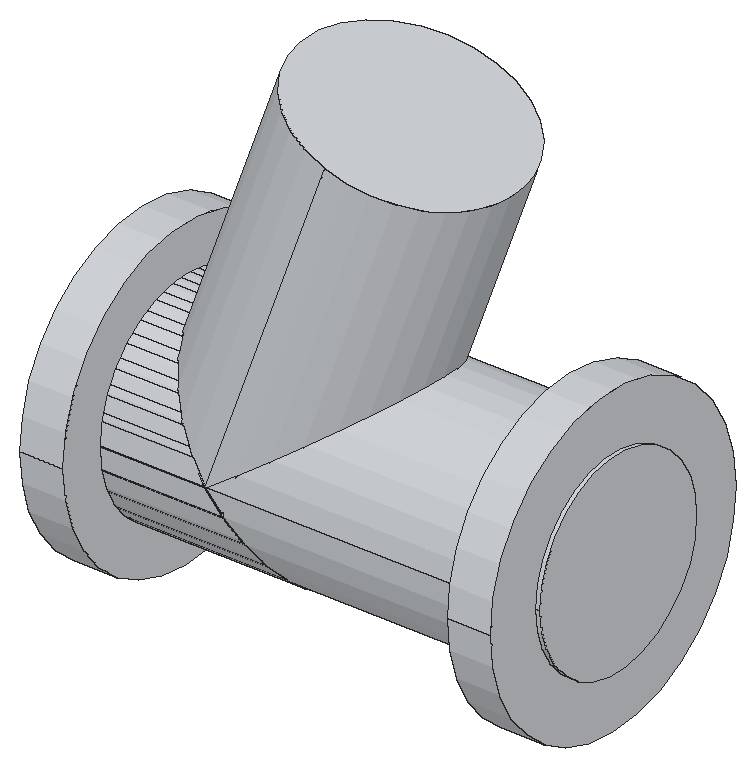
Revit family "447-DN065-RFA_2019", category Pipe Accessories, Revit 2019
Family settings
  Round Connector Dimension = Use Diameter
  Part Type = Valve - Breaks Into
  Work Plane-Based = No
  Always vertical = Yes
  Cut with Voids When Loaded = No
  Shared = No
Parameters (values of type "447-DN065")
  magiProductId = "bd77367604f142d88050bf73c88c7b"
  magiProductFamilyId = "b72cb932c1b3471491e3d369876ba1"
  magiPartTypeId = 304
  isMeasuringValve [instance] = no
  ang2D [instance] = 0.00°
  X2 = 71.982 mm
  X1 = 40.6 mm
  W2D = 100 mm
  VersionID = "2.0/2017.9.26.1/ZETKAMA_447_001"
  Use Minimum Symbol Size [instance] = yes
  URL = "http://www.hydronix.cz"
  Type Comments = "přírubový; PN16; -10~+120°C"
  S = 118 mm
  QmdConnectorList = "301;D;302;D"
  Productdata [instance] = ""
  Manufacturer = "Hydronix"
  MC Product Code = "447 065 (DN65; PN16 kvs88,8)"
  MC Piping Given Pressure Drop [instance] = 0.0 Pa
  LM1 = 23.2 mm
  LM = 232 mm
  L2D_Min = 3048 mm
  L2D = 350 mm
  L2 = 145 mm
  HH1 = 197.769 mm
  FD = 185 mm
  Description = "Ruční vyvažovací ventil přírubový; DN65; PN16; kvs88,8"
  DT = 130 mm
  D = 65 mm
  CC = 2.9 mm
  CAT0 = yes
  C1 = 26.1 mm
  C = 29 mm
Types (10, lengths in mm): name | magiProductId | X2 | X1 | S | MC Product Code | LM1 | LM | L2 | HH1 | FD | Description | DT | D | CC | C1 | C
  447-DN100 | "98b46d48787042dd9a812fc0797c69" | 79.261 | 49 | 156 | "447 100 (DN100; PN16 kvs184,7)" | 28 | 280 | 175 | 217.769 | 220 | "Ruční vyvažovací ventil přírubový; DN100; PN16; kvs184,7" | 130 | 100 | 3.5 | 31.5 | 35
  447-DN125 | "02b47ccb17f74d08923d86f3fe118e" | 86.541 | 56 | 184 | "447 125 (DN125; PN16 kvs285,1)" | 32 | 320 | 200 | 237.769 | 250 | "Ruční vyvažovací ventil přírubový; DN125; PN16; kvs285,1" | 130 | 125 | 4 | 36 | 40
  447-DN150 | "7f7b5672e2b748ca8839732ddacd1d" | 95.64 | 67.2 | 211 | "447 150 (DN150; PN16 kvs390,2)" | 38.4 | 384 | 240 | 262.769 | 285 | "Ruční vyvažovací ventil přírubový; DN150; PN16; kvs390,2" | 130 | 150 | 4.8 | 43.2 | 48
  447-DN200 | "e1019e6fc9b647ceac6d31797e2f53" | 155.411 | 84 | 266 | "447 200 (DN200; PN16 kvs710)" | 48 | 480 | 300 | 426.987 | 340 | "Ruční vyvažovací ventil přírubový; DN200; PN16; kvs710" | 310 | 200 | 6 | 54 | 60
  447-DN250 | "a0eac83e29f84220b7ba68901aa49e" | 171.789 | 102.2 | 319 | "447 250 (DN250; PN16 kvs1188)" | 58.4 | 584 | 365 | 471.987 | 405 | "Ruční vyvažovací ventil přírubový; DN250; PN16; kvs1188" | 310 | 250 | 7.3 | 65.7 | 73
  447-DN300 | "476300b2e87f4f20bd49d272c44436" | 175.429 | 119 | 370 | "447 300 (DN300; PN16 kvs1504)" | 68 | 680 | 425 | 481.987 | 460 | "Ruční vyvažovací ventil přírubový; DN300; PN16; kvs1504" | 310 | 300 | 8.5 | 76.5 | 85
  447-DN040 | "1b02107dafeb4f5588628c478854c2" | 42.71 | 28 | 84 | "447 040 (DN40; PN16 kvs22,36)" | 16 | 160 | 100 | 117.345 | 150 | "Ruční vyvažovací ventil přírubový; DN40; PN16; kvs22,36" | 74 | 40 | 2 | 18 | 20
  447-DN050 | "5ed7087ff739473a8b86e2dbbe5062" | 42.71 | 32.2 | 99 | "447 050 (DN50; PN16 kvs32,15)" | 18.4 | 184 | 115 | 117.345 | 165 | "Ruční vyvažovací ventil přírubový; DN50; PN16; kvs32,15" | 74 | 50 | 2.3 | 20.7 | 23
  447-DN065 | "bd77367604f142d88050bf73c88c7b" | 71.982 | 40.6 | 118 | "447 065 (DN65; PN16 kvs88,8)" | 23.2 | 232 | 145 | 197.769 | 185 | "Ruční vyvažovací ventil přírubový; DN65; PN16; kvs88,8" | 130 | 65 | 2.9 | 26.1 | 29
  447-DN080 | "7399fcf493614c92ad9035a8ac3adf" | 71.982 | 43.4 | 132 | "447 080 (DN80; PN16 kvs113,4)" | 24.8 | 248 | 155 | 197.769 | 200 | "Ruční vyvažovací ventil přírubový; DN80; PN16; kvs113,4" | 130 | 80 | 3.1 | 27.9 | 31
Reference planes
  plane 1 "Center (Front/Back)": y = 0
  plane 2 "XYPLANE": z = 0
  plane 3 "Center (Left/Right)": x = 0
  plane 4 "110": x = 19.782
  plane 5 "109": z = 197.769
  plane 6 "108": x = -52.2
  plane 7 "107": x = 142.1
  plane 8 "106": x = -142.1
  plane 9 "105": z = 0
  plane 10 "104": y = 0
  plane 11 "103": x = -145
  plane 12 "102": x = 145
  plane 13 "100": x = -116
  plane 14 "99": x = 116
  plane 15 "98": x = -92.8
Forms (mm)
  Extrusion 1, solid, visible <- "CAT0"
    sketch origin (-116, -750, 0) x (0, 1, 0) y (0, 0, 1)
      loop
        circle (750, 0) r 65
    from 0 to 232 <- "LM"
  Sweep 2, solid, visible <- "CAT0"
    path origin (750, 0, 0) x (-1, 0, 0) y (0, 0, 1)
      loop
        line (866, 0) -> (802.2, 0) -> (730.218, 197.769)
    profile origin (-116, 0, 0) x (0, 0, -1) y (0, 1, 0)
      loop
        circle (0, 0) r 65
  Extrusion 3, solid
    sketch origin (142.1, -750, 0) x (0, 1, 0) y (0, 0, 1)
      loop
        circle (750, 0) r 59
    from 0 to 2.9 <- "CC"
  Extrusion 4, solid
    sketch origin (116, -750, 0) x (0, 1, 0) y (0, 0, 1)
      loop
        circle (750, 0) r 92.5
    from 0 to 26.1 <- "C1"
  Extrusion 5, solid
    sketch origin (-142.1, -750, 0) x (0, 1, 0) y (0, 0, 1)
      loop
        circle (750, 0) r 92.5
    from 0 to 26.1 <- "C1"
  Extrusion 6, solid
    sketch origin (-145, -750, 0) x (0, 1, 0) y (0, 0, 1)
      loop
        circle (750, 0) r 59
    from 0 to 2.9 <- "CC"
  Extrusion 7, solid, not visible
    sketch origin (-145, -750, 0) x (0, 1, 0) y (0, 0, 1)
      loop
        circle (750, 0) r 10
    from 0 to 10
  Extrusion 8, solid, not visible
    sketch origin (145, -750, 0) x (0, 1, 0) y (0, 0, 1)
      loop
        circle (750, 0) r 10
    from 0 to -10
Lines and regions (mm)
  reference lines, not visible
    curve 1: circle (2, 2, 0) r 1 normal (0, 0, 1)
Dimensions and locks
  plane 1 "Center (Front/Back)" to curve 1 = 2 mm
  "X2": plane 6 "108" to plane 4 "110"
  "HH1": plane 2 "XYPLANE" to plane 5 "109"
  "X1": plane 15 "98" to plane 6 "108"
  "C1": plane 14 "99" to plane 7 "107"
  "CC": plane 11 "103" to plane 8 "106"
  locked: plane 2 "XYPLANE" to plane 9 "105"
  locked: plane 1 "Center (Front/Back)" to plane 10 "104"
  "L2": plane 3 "Center (Left/Right)" to plane 11 "103"
  "L2": plane 3 "Center (Left/Right)" to plane 12 "102"
  "C": plane 11 "103" to plane 13 "100"
  "LM": plane 13 "100" to plane 14 "99"
  "LM1": plane 13 "100" to plane 15 "98"
  Sweep 2 sketch curve to Sweep 2 sketch curve = 0 mm  (x2)
  "DT": diameter of Extrusion 1 sketch curve
  "DT": diameter of Sweep 2 sketch curve
  "S": diameter of Extrusion 3 sketch curve
  "FD": diameter of Extrusion 4 sketch curve
  "FD": diameter of Extrusion 5 sketch curve
  "S": diameter of Extrusion 6 sketch curve
  aligned and locked: level to plane 2 "XYPLANE"
  aligned and locked: plane 9 "105" to Extrusion 1 sketch curve
  aligned and locked: Extrusion 1 sketch curve to plane 10 "104"
  aligned and locked: plane 9 "105" to Sweep 2 sketch curve  (x3)
  aligned and locked: Sweep 2 sketch curve to plane 10 "104"
  aligned and locked: plane 13 "100" to Sweep 2 sketch curve
  aligned and locked: plane 6 "108" to Sweep 2 sketch curve
  aligned and locked: plane 4 "110" to Sweep 2 sketch curve
  aligned and locked: plane 5 "109" to Sweep 2 sketch curve
  aligned and locked: plane 9 "105" to Extrusion 3 sketch curve
  aligned and locked: Extrusion 3 sketch curve to plane 10 "104"
  aligned and locked: plane 9 "105" to Extrusion 4 sketch curve
  aligned and locked: Extrusion 4 sketch curve to plane 10 "104"
  aligned and locked: plane 9 "105" to Extrusion 5 sketch curve
  aligned and locked: Extrusion 5 sketch curve to plane 10 "104"
  aligned and locked: plane 9 "105" to Extrusion 6 sketch curve
  aligned and locked: Extrusion 6 sketch curve to plane 10 "104"
  aligned and locked: plane 9 "105" to Extrusion 7 sketch curve
  aligned and locked: Extrusion 7 sketch curve to plane 10 "104"
  aligned and locked: plane 9 "105" to Extrusion 8 sketch curve
  aligned and locked: Extrusion 8 sketch curve to plane 10 "104"
Automatic sketch dimensions
  plane 1 "Center (Front/Back)" to Extrusion 7 sketch curve = 10 mm
  plane 1 "Center (Front/Back)" to Extrusion 8 sketch curve = 10 mm
  plane 3 "Center (Left/Right)" to curve 1 = 2 mm
  radius of curve 1 = 1 mm
Connectors
  piping at (-145, 0, 0), diameter 65, driven by "D"
    settings: on Extrusion 7, index 1, connector inside diameter 609.6 mm, connector length 0 mm, flow factor 0, pipe flow 0.0 L/s, pressure drop 0.0 Pa, fitting loss kfactor 0, connector angle 0.00°, fixture units 0, engagement length 0 mm, angle of deflection 0.00°, flow configuration 0, flow direction 0, fitting loss method 0, system type 29, joint type 0, gender type 0, connector reference index 2, connector utility 0, adjustable connector no, is connector primary yes, connector description ""
  piping at (145, 0, 0), diameter 65, driven by "D"
    settings: on Extrusion 8, index 2, connector inside diameter 609.6 mm, connector length 0 mm, flow factor 0, pipe flow 0.0 L/s, pressure drop 0.0 Pa, fitting loss kfactor 0, connector angle 0.00°, fixture units 0, engagement length 0 mm, angle of deflection 0.00°, flow configuration 0, flow direction 0, fitting loss method 0, system type 29, joint type 0, gender type 0, connector reference index 1, connector utility 0, adjustable connector no, is connector primary no, connector description ""
